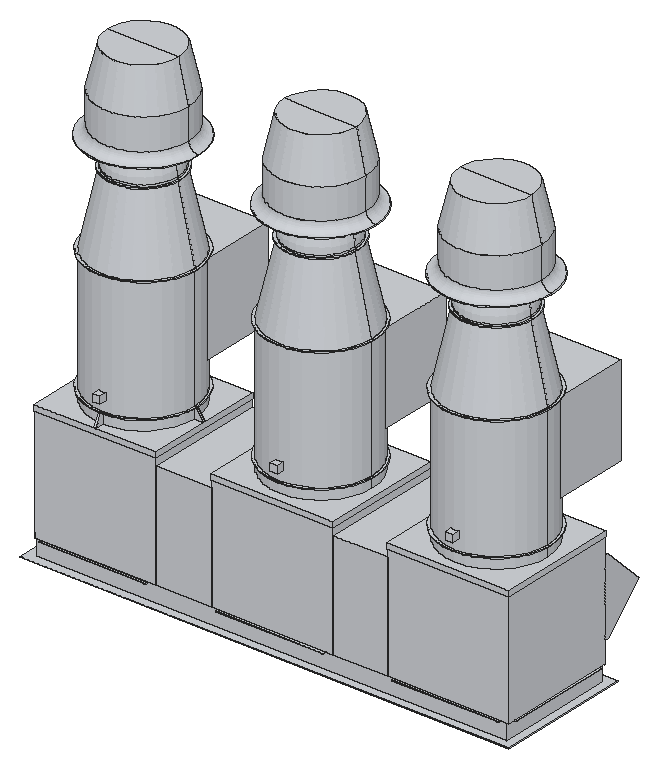
Revit family "QMXVP_with_1X3", category Mechanical Equipment, Revit 2019
Family settings
  Round Connector Dimension = Use Diameter
  Part Type = Normal
  Work Plane-Based = No
  Always vertical = Yes
  Cut with Voids When Loaded = No
  Shared = No
  Room Calculation Point = No
Parameters (values of type "402_QMXVP-27L-1X3_Mixing_Box")
  Unit Weight [instance] = ""
  UNIT_RADIUS+4" = UNIT_RADIUS + 0' 4"  # 2' - 8 15/32"
  UNIT_RADIUS*.6 = UNIT_RADIUS * 0.9  # 2' - 1.62188"
  UNIT_RADIUS = UNIT_OD / 2  # 2' - 4 15/32"
  UNIT_RAD+((A/2)+.25")+4" = UNIT_RADIUS + ((A / 2) + 0' 0 1/4") + 0' 4"  # 5' - 6 7/32"
  UNIT_RAD+((A/2)+.25") = UNIT_RADIUS + ((A / 2) + 0' 0 1/4")  # 5' - 2 7/32"
  UNIT_OD = 4' - 8 15/16"
  UNIT_HEIGHT*.75 = UNIT_HEIGHT * 0.75  # 4' - 3 3/8"
  UNIT_HEIGHT = 5' - 8 1/2"
  TYPE = 0' - 0"
  TRIP_G = 21' - 8 3/8"
  TRIP_F = 21' - 10"
  TRIPLE_F+1" = TRIP_F + 0' 1"  # 21' - 11"
  TRANSITION_TOP = 9' - 10 3/4"
  Sones [instance] = ""
  RO2/2 = 2' - 5 23/32"
  RO/2 = RO / 2  # 2' - 5 23/32"
  RO = 4' - 11 7/16"
  NOZZLE_WB_RAD-2" = NOZZLE_WB_RAD - 0' 2"  # 2' - 4 1/2"
  NOZZLE_WB_RAD = NOZZLE_WB_OD / 2  # 2' - 6 1/2"
  NOZZLE_WB/4 = NOZZLE_WB_OD / 5  # 1' - 0.2"
  NOZZLE_TOP_RAD = NOZZLE_TOP_OD / 2  # 1' - 7 27/32"
  NOZZLE_TOP_OD = if(NOZZLE_SIZE = 9' 0", 1' 1 1/2", if(NOZZLE_SIZE = 12' 0", 1' 7 1/2", if(NOZZLE_SIZE = 15' 0", 1' 11", if(NOZZLE_SIZE = 18' 0", 2' 3 1/2", if(NOZZLE_SIZE = 21' 0", 2' 6 3/4", if(NOZZLE_SIZE = 24' 0", 3' 0 1/2", if(NOZZLE_SIZE = 27' 0", 3' 3 11/16", if(NOZZLE_SIZE = 30' 0", 3' 9 1/2", if(NOZZLE_SIZE = 36' 0", 4' 10", if(NOZZLE_SIZE = 49' 0", 6' 4", 0' 1"))))))))))  # 3' - 3 11/16"
  NOZZLE_SIZE = 27' - 0"
  NOZZLE_HEIGHT/7*2 = NOZZLE_HEIGHT / 8 * 2  # 1' - 3 5/32"
  NOZZLE_HEIGHT = if(NOZZLE_SIZE = 9' 0", 2' 4", if(NOZZLE_SIZE = 12' 0", 2' 8", if(NOZZLE_SIZE = 15' 0", 3' 7", if(NOZZLE_SIZE = 18' 0", 4' 0", if(NOZZLE_SIZE = 21' 0", 4' 4 3/4", if(NOZZLE_SIZE = 24' 0", 5' 2", if(NOZZLE_SIZE = 30' 0", 6' 6", if(NOZZLE_SIZE = 27' 0", 5' 0 5/8", if(NOZZLE_SIZE = 36' 0", 7' 11", if(NOZZLE_SIZE = 49' 0", 9' 2", 0' 1"))))))))))  # 5' - 0 5/8"
  NOZZLE_BOTTOM_RAD = NOZZLE_BOTTOM_ID / 2  # 1' - 7 5/32"
  NOZZLE_WB_OD = if(NOZZLE_SIZE = 9' 0", 1' 11", if(NOZZLE_SIZE = 12' 0", 2' 4", if(NOZZLE_SIZE = 15' 0", 3' 0", if(NOZZLE_SIZE = 18' 0", 3' 7", if(NOZZLE_SIZE = 21' 0", 4' 1", if(NOZZLE_SIZE = 24' 0", 5' 1", if(NOZZLE_SIZE = 27' 0", 5' 1", if(NOZZLE_SIZE = 30' 0", 6' 2", if(NOZZLE_SIZE = 36' 0", 7' 6", if(NOZZLE_SIZE = 49' 0", 8' 5", 0' 1"))))))))))  # 5' - 1"
  NOZZLE_BOTTOM_ID = if(NOZZLE_SIZE = 9' 0", 1' 0 13/16", if(NOZZLE_SIZE = 12' 0", 1' 5 1/16", if(NOZZLE_SIZE = 15' 0", 1' 9 3/8", if(NOZZLE_SIZE = 18' 0", 2' 1 5/8", if(NOZZLE_SIZE = 21' 0", 2' 4 3/4", if(NOZZLE_SIZE = 24' 0", 2' 10 3/4", if(NOZZLE_SIZE = 27' 0", 3' 2 5/16", if(NOZZLE_SIZE = 30' 0", 3' 6 1/2", if(NOZZLE_SIZE = 36' 0", 4' 3 3/4", if(NOZZLE_SIZE = 49' 0", 5' 9 3/8", 0' 1"))))))))))  # 3' - 2 5/16"
  Motor RPM [instance] = ""
  Motor Enclosure [instance] = ""
  ModelID [instance] = ""
  MB_HT/2 = MB_HT / 2  # 2' - 8 31/32"
  MB_HT-2.75" = MB_HT - 0' 2 3/4"  # 5' - 3 3/16"
  MB_HT+.25" = MB_HT + 0' 0 1/4"  # 5' - 6 3/16"
  MB_HT = 5' - 5 15/16"
  MB_A = 7' - 6"
  LwA [instance] = ""
  LONG_RO = 21' - 2 1/8"
  GA = if(UNIT_OD > 7' 0", 0' 0 23/128", if(UNIT_OD > 5' 9", 0' 0 17/128", 0' 0 27/256"))  # 0' - 0 27/256"
  Fan RPM [instance] = ""
  E = 5' - 5 3/4"
  DUAL_G = 13' - 7"
  DUAL_F+1" = DUAL_F + 0' 1"  # 13' - 9 3/4"
  DUAL_F = (TRIP_F / 2) + ((A / 2) + 0' 0 1/4")  # 13' - 8 3/4"
  CURB_HEIGHT [instance] = 1' - 0"
  CURB [instance] = yes
  C/2 = C / 2  # 3' - 8"
  C = 7' - 4"
  Bypass Damper Actuator = ""
  B/2 = B / 2  # 7' - 7 1/2"
  B = 15' - 3"
  Assembly Code = ""
  Accessories [instance] = ""
  A/2 = A / 2  # 2' - 9 1/2"
  A+.5 = A + 0' 0 1/2"  # 5' - 7 1/2"
  A = 5' - 7"
  6" = 0' - 6"  # constant formula
  5" = 0' - 5"  # constant formula
  3.125" = 0' - 3 1/8"  # constant formula
  3" = 0' - 3"  # constant formula
  Brake Hp [instance] = ""
  4" = 0' - 4"  # constant formula
  2' = 2' - 0"
  2" = 0' - 2"  # constant formula
  135 = 135.00°
  1" = 0' - 1"  # constant formula
  0 = 0' - 0"  # constant formula
  Voltage [instance] = 0 V
  URL = "www.lorencook.com"
  Type Comments = if(TYPE = 1' 0", "Vari-Plume Laboratory Exhaust Mixed-Flow High Pressure Inline Belt Drive With 1X3 Mixing Box\r\n", "Vari-Plume Laboratory Exhaust Mixed-Flow Inline Belt Drive With 1X3 Mixing Box\r\n")  # "Vari-Plume Laboratory Exhaust Mixed-Flow Inline Belt Drive With 1X3 Mixing Box\r\n"
  Static Pressure [instance] = 0.00 in-wg
  Power [instance] = Voltage * Motor FLA * sqrt(if(Phase = 3, 3, 1))  # 0 VA
  Phase [instance] = 0
  Number of Poles [instance] = 1
  Motor Hp [instance] = "0"
  Motor FLA [instance] = 0 A
  Model = if(TYPE = 1' 0", "QMXHPVP-1X3_Mixing Box", "QMXVP-1X3_Mixing Box")  # "QMXVP-1X3_Mixing Box"
  Manufacturer = "Loren Cook Company"
  CFM [instance] = 0 CFM
  1.5 = 0' - 1 1/2"  # constant formula
  1/4 = 0' - 0 1/4"  # constant formula
  ONE EIGTH = 0' - 0 1/8"  # constant formula
  -A = -A  # -5' - 7"
  (NOZZLE_WB_OD-NOZZLE_TOP_OD)/2 = (NOZZLE_WB_OD - NOZZLE_TOP_OD) / 4  # 0' - 5 21/64"
  (NOZZLE_HEIGHT-(NOZZLE_HEIGHT/8*2))/2 = (NOZZLE_HEIGHT - (NOZZLE_HEIGHT / 8 * 2)) / 2  # 1' - 10 47/64"
  (A/2)-2" = (A / 2) - 0' 2"  # 2' - 7 1/2"
  (A/2)+.25" = (A / 2) + 0' 0 1/4"  # 2' - 9 3/4"
Reference planes (in)
  plane 1 "Center (Front/Back)": y = 0
  plane 2: z = 0
  plane 3 "Center (Left/Right)": x = 0.40541
Forms (in)
  Extrusion 1, solid
    sketch origin (0, 0, 0) x (1, 0, 0) y (0, 1, 0)
      loop
        line (-33.34459, 33.75) -> (-33.34459, -33.75) -> (34.15541, -33.75) -> (34.15541, 33.75) -> (-33.34459, 33.75)
      loop
        line (64.90541, 33.75) -> (64.90541, -33.75) -> (132.40541, -33.75) -> (132.40541, 33.75) -> (64.90541, 33.75)
      loop
        line (162.15541, 33.75) -> (162.15541, -33.75) -> (229.65541, -33.75) -> (229.65541, 33.75) -> (162.15541, 33.75)
    from 66.1875 <- "MB_HT+.25"" to 63.1875 <- "MB_HT-2.75""
  Revolve 2, solid
    sketch origin (0, 0, 0) x (1, 0, 0) y (0, 0, 1)
      loop
        line (0.40541, 66.1875) -> (28.87416, 66.1875) -> (28.87416, 72.1875) -> (30.37416, 72.1875) -> (30.37416, 72.4375) -> (28.87416, 72.4375) -> (28.87416, 140.4375) -> (30.37416, 140.4375) -> (30.37416, 140.6875) -> (28.87416, 140.6875) -> (19.56166, 181.6875) -> (21.06166, 181.6875) -> (21.06166, 181.9375) -> (0.40541, 181.9375) -> (0.40541, 66.1875)
      axis (0.40541, 181.9375) -> (0.40541, 66.1875)
    angle from 0 to 360
  Revolve 3, solid
    sketch origin (0, 0, 0) x (1, 0, 0) y (0, 0, 1)
      loop
        line (0.40541, 181.9375) -> (19.56166, 181.9375) -> (19.56166, 182.9375)
        arc (19.56166, 182.9375) -> (17.72865, 190.82402) -> (12.60541, 197.09375) r 17.8824
        line (12.60541, 197.09375) -> (30.90541, 197.09375) -> (20.24916, 242.5625) -> (0.40541, 242.5625) -> (0.40541, 181.9375)
      axis (0.40541, 242.5625) -> (0.40541, 181.9375)
    angle from 0 to 360
  Extrusion 4, solid
    sketch origin (0.40541, 0, 140.4375) x (1, 0, 0) y (0, -1, 0)
      loop
        line (-25.62187, -12.40924) -> (-25.62187, -54.25) -> (25.62188, -54.25) -> (25.62188, -12.40924)
        arc (25.62188, -12.40924) -> (0, -28.46875) -> (-25.62187, -12.40924) r 28.46875
      loop
        line (72.62813, -12.40924) -> (72.62813, -54.25) -> (123.87188, -54.25) -> (123.87188, -12.40924)
        arc (123.87188, -12.40924) -> (98.25, -28.46875) -> (72.62813, -12.40924) r 28.46875
      loop
        line (169.87813, -12.40924) -> (169.87813, -54.25) -> (221.12188, -54.25) -> (221.12188, -12.40924)
        arc (221.12188, -12.40924) -> (195.5, -28.46875) -> (169.87813, -12.40924) r 28.46875
    from 51.375 <- "UNIT_HEIGHT*.75" to 1.5
  Extrusion 5, solid
    sketch origin (0, 0, 0) x (1, 0, 0) y (0, 0, 1)
      loop
        line (-33.34459, 66.1875) -> (-28.06334, 66.1875) -> (-28.06334, 72.1875) -> (-29.56334, 72.1875) -> (-33.34459, 66.1875)
      loop
        line (34.15541, 66.1875) -> (30.37416, 72.1875) -> (28.87416, 72.1875) -> (28.87416, 66.1875) -> (34.15541, 66.1875)
    from -0.5 to 0.5
  Extrusion 6, solid
    sketch origin (0.40541, 0, 0) x (0, 1, 0) y (0, 0, 1)
      loop
        line (33.75, 66.1875) -> (29.96875, 72.1875) -> (28.46875, 72.1875) -> (28.46875, 66.1875) -> (33.75, 66.1875)
      loop
        line (-33.75, 66.1875) -> (-28.46875, 66.1875) -> (-28.46875, 72.1875) -> (-29.96875, 72.1875) -> (-33.75, 66.1875)
    from -0.5 to 0.5
  Extrusion 7, solid
    sketch origin (0.40541, 0, 72.1875) x (1, 0, 0) y (0, -1, 0)
      loop
        line (-2, 32.46875) -> (-2, 28.46875) -> (2, 28.46875) -> (2, 32.46875) -> (-2, 32.46875)
      loop
        line (96.25, 28.46875) -> (100.25, 28.46875) -> (100.25, 32.46875) -> (96.25, 32.46875) -> (96.25, 28.46875)
      loop
        line (193.25, 28.46875) -> (197.25, 28.46875) -> (197.25, 32.46875) -> (193.25, 32.46875) -> (193.25, 28.46875)
    from -10 to -6
  Revolve 8, void
    sketch origin (0, 0, 0) x (1, 0, 0) y (0, 0, 1)
      loop
        arc (25.57729, 202.67188) -> (30.90541, 197.34375) -> (36.23354, 202.67188) r 5.32812
        line (36.23354, 202.67188) -> (36.23354, 219.82813) -> (25.57729, 219.82813) -> (25.57729, 202.67188)
      axis (0.40541, 202.67188) -> (0.40541, 219.82813)
    angle from 0 to 360
  Extrusion 9, solid
    sketch origin (0, 0, 0) x (1, 0, 0) y (0, 1, 0)
      loop
        line (-33.09459, 33.5) -> (-33.09459, -33.5) -> (33.90541, -33.5) -> (33.90541, 33.5) -> (-33.09459, 33.5)
      loop
        line (65.15541, 33.5) -> (65.15541, -33.5) -> (132.15541, -33.5) -> (132.15541, 33.5) -> (65.15541, 33.5)
      loop
        line (162.40541, 33.5) -> (162.40541, -33.5) -> (229.40541, -33.5) -> (229.40541, 33.5) -> (162.40541, 33.5)
    from 0 to 63.1875 <- "MB_HT-2.75""
  Extrusion 10, void
    sketch origin (0, 0, 0) x (1, 0, 0) y (0, 1, 0)
      loop
        line (-32.84459, 33.25) -> (-32.84459, -33.25) -> (33.65541, -33.25) -> (33.65541, 33.25) -> (-32.84459, 33.25)
      loop
        line (65.40541, 33.25) -> (65.40541, -33.25) -> (131.90541, -33.25) -> (131.90541, 33.25) -> (65.40541, 33.25)
      loop
        line (162.65541, 33.25) -> (162.65541, -33.25) -> (229.15541, -33.25) -> (229.15541, 33.25) -> (162.65541, 33.25)
    from 0 to 2.875
  Extrusion 11, solid
    sketch origin (0, 0, 0) x (1, 0, 0) y (0, 1, 0)
      loop
        line (-33.34459, 29.75) -> (-34.84459, 29.75) -> (-34.84459, -29.75) -> (-33.34459, -29.75) -> (-33.34459, 29.75)
      loop
        line (-29.34459, -33.75) -> (-29.34459, -35.25) -> (30.15541, -35.25) -> (30.15541, -33.75) -> (-29.34459, -33.75)
      loop
        line (30.15541, 33.75) -> (30.15541, 35.25) -> (-29.34459, 35.25) -> (-29.34459, 33.75) -> (30.15541, 33.75)
      loop
        line (68.90541, 33.75) -> (128.40541, 33.75) -> (128.40541, 35.25) -> (68.90541, 35.25) -> (68.90541, 33.75)
      loop
        line (128.40541, -33.75) -> (68.90541, -33.75) -> (68.90541, -35.25) -> (128.40541, -35.25) -> (128.40541, -33.75)
      loop
        line (166.40541, 35) -> (166.40541, 33.5) -> (225.40541, 33.5) -> (225.40541, 35) -> (166.40541, 35)
      loop
        line (229.40541, 29.5) -> (229.40541, -29.5) -> (230.90541, -29.5) -> (230.90541, 29.5) -> (229.40541, 29.5)
      loop
        line (225.40541, -33.75) -> (166.40541, -33.75) -> (166.40541, -35.25) -> (225.40541, -35.25) -> (225.40541, -33.75)
    from 0 to 0.125
  Extrusion 12, solid
    sketch origin (-33.09459, 33.5, 0) x (1, 0, 0) y (0, 0, -1)
      loop
        line (63, -61.1875) -> (63, -56.1875) -> (4, -56.1875) -> (4, -61.1875) -> (63, -61.1875)
      loop
        line (161.25, -56.1875) -> (102.25, -56.1875) -> (102.25, -61.1875) -> (161.25, -61.1875) -> (161.25, -56.1875)
      loop
        line (258.5, -56.1875) -> (199.5, -56.1875) -> (199.5, -61.1875) -> (258.5, -61.1875) -> (258.5, -56.1875)
    from 0 to 0.125
  Extrusion 13, solid
    sketch origin (-33.09459, 33.625, 0) x (1, 0, 0) y (0, 0, -1)
      loop
        line (11, -60.1875) -> (11, -57.1875) -> (5, -57.1875) -> (5, -60.1875) -> (11, -60.1875)
      loop
        line (103.25, -60.1875) -> (109.25, -60.1875) -> (109.25, -57.1875) -> (103.25, -57.1875) -> (103.25, -60.1875)
      loop
        line (200.5, -60.1875) -> (206.5, -60.1875) -> (206.5, -57.1875) -> (200.5, -57.1875) -> (200.5, -60.1875)
    from 0 to 3.5
  Extrusion 14, solid
    sketch origin (-33.09459, -33.5, 0) x (0, 1, 0) y (0, 0, -1)
      loop
        line (67, -53.96875) -> (69, -53.96875) -> (90, -32.96875) -> (69, -11.96875) -> (67, -11.96875) -> (67, -53.96875)
    from 0 to -67 <- "-A"
  Revolve 15, solid
    sketch origin (0, 0, 0) x (1, 0, 0) y (0, 0, 1)
      loop
        line (98.65541, 66.1875) -> (127.12416, 66.1875) -> (127.12416, 72.1875) -> (128.62416, 72.1875) -> (128.62416, 72.4375) -> (127.12416, 72.4375) -> (127.12416, 140.1875) -> (128.62416, 140.1875) -> (128.62416, 140.4375) -> (127.12416, 140.4375) -> (117.81166, 181.4375) -> (119.31166, 181.4375) -> (119.31166, 181.6875) -> (98.65541, 181.6875) -> (98.65541, 66.1875)
      axis (98.65541, 181.6875) -> (98.65541, 66.1875)
    angle from 0 to 360
  Revolve 16, solid
    sketch origin (0, 0, 0) x (1, 0, 0) y (0, 0, 1)
      loop
        line (98.65541, 181.4375) -> (117.81166, 181.4375) -> (117.81166, 182.4375)
        arc (117.81166, 182.4375) -> (115.98435, 190.54914) -> (110.85541, 197.09375) r 18.91789
        line (110.85541, 197.09375) -> (129.15541, 197.09375) -> (118.49916, 242.5625) -> (98.65541, 242.5625) -> (98.65541, 181.4375)
      axis (98.65541, 242.5625) -> (98.65541, 181.4375)
    angle from 0 to 360
  Revolve 17, void
    sketch origin (0, 0, 0) x (1, 0, 0) y (0, 0, 1)
      loop
        line (134.48354, 219.82813) -> (123.82729, 219.82813) -> (123.82729, 202.67188)
        arc (123.82729, 202.67188) -> (129.15541, 197.34375) -> (134.48354, 202.67188) r 5.32813
        line (134.48354, 202.67188) -> (134.48354, 219.82813)
      axis (98.65541, 219.82813) -> (98.65541, 202.67188)
    angle from 0 to 360
  Extrusion 18, solid
    sketch origin (132.15541, 33.5, 0) x (0, -1, 0) y (0, 0, -1)
      loop
        line (0, -53.96875) -> (0, -11.96875) -> (-2, -11.96875) -> (-23, -32.96875) -> (-2, -53.96875) -> (0, -53.96875)
    from 0 to -67 <- "-A"
  Extrusion 19, solid
    sketch origin (33.90541, -33.5, 0) x (-1, 0, 0) y (0, 0, -1)
      loop
        line (0, -59.1875) -> (0, 0) -> (-31.25, 0) -> (-31.25, -59.1875) -> (0, -59.1875)
      loop
        line (-98.25, -59.1875) -> (-98.25, -0.125) -> (-128.5, -0.125) -> (-128.5, -59.1875) -> (-98.25, -59.1875)
    from 0 to -67 <- "-A"
  Revolve 20, solid
    sketch origin (0, 0, 0) x (1, 0, 0) y (0, 0, 1)
      loop
        line (195.90541, 66.1875) -> (224.37416, 66.1875) -> (224.37416, 72.1875) -> (225.87416, 72.1875) -> (225.87416, 72.4375) -> (224.37416, 72.4375) -> (224.37416, 140.1875) -> (225.87416, 140.1875) -> (225.87416, 140.4375) -> (224.37416, 140.4375) -> (215.06166, 181.4375) -> (216.56166, 181.4375) -> (216.56166, 181.6875) -> (195.90541, 181.6875) -> (195.90541, 66.1875)
      axis (195.90541, 181.6875) -> (195.90541, 66.1875)
    angle from 0 to 360
  Revolve 21, solid
    sketch origin (0, 0, 0) x (1, 0, 0) y (0, 0, 1)
      loop
        line (195.90541, 181.4375) -> (215.06166, 181.4375) -> (215.06166, 182.4375)
        arc (215.06166, 182.4375) -> (213.23435, 190.54914) -> (208.10541, 197.09375) r 18.91789
        line (208.10541, 197.09375) -> (226.40541, 197.09375) -> (215.74916, 242.5625) -> (195.90541, 242.5625) -> (195.90541, 181.4375)
      axis (195.90541, 242.5625) -> (195.90541, 181.4375)
    angle from 0 to 360
  Revolve 22, void
    sketch origin (0, 0, 0) x (1, 0, 0) y (0, 0, 1)
      loop
        line (221.07729, 219.82813) -> (221.07729, 202.67188)
        arc (221.07729, 202.67188) -> (226.40541, 197.34375) -> (231.73354, 202.67188) r 5.32813
        line (231.73354, 202.67188) -> (231.73354, 219.82813) -> (221.07729, 219.82813)
      axis (195.90541, 202.67188) -> (195.90541, 219.82813)
    angle from 0 to 360
  Extrusion 23, solid
    sketch origin (229.40541, 33.5, 0) x (0, -1, 0) y (0, 0, -1)
      loop
        line (0, -53.96875) -> (0, -11.96875) -> (-2, -11.96875) -> (-23, -32.96875) -> (-2, -53.96875) -> (0, -53.96875)
    from 0 to -67 <- "-A"
  Extrusion 24, solid, visible <- "CURB"
    sketch origin (0, 0, 2.875) x (0, 1, 0) y (1, 0, 0)
      loop
        line (29.71875, -29.31334) -> (29.71875, 224.81166) -> (-29.71875, 224.81166) -> (-29.71875, -29.31334) -> (29.71875, -29.31334)
      loop
        line (-32.84375, 227.93666) -> (-32.84375, -32.43834) -> (32.84375, -32.43834) -> (32.84375, 227.93666) -> (-32.84375, 227.93666)
    from 0 to 12 <- "CURB_HEIGHT"
  Extrusion 25, solid, visible <- "CURB"
    sketch origin (0, 0, -9.125) x (-1, 0, 0) y (0, 1, 0)
      loop
        line (32.43834, -32.84375) -> (32.43834, 32.84375) -> (-227.93666, 32.84375) -> (-227.93666, -32.84375) -> (32.43834, -32.84375)
      loop
        line (-232.93666, 37.84375) -> (-232.93666, -37.84375) -> (37.43834, -37.84375) -> (37.43834, 37.84375) -> (-232.93666, 37.84375)
    from 0 to -0.125
Cuts and joins
  Revolve 8 cuts Revolve 3
  Extrusion 10 cuts Extrusion 9
  Revolve 17 cuts Revolve 16
  Revolve 22 cuts Revolve 21
Dimensions and locks (in)
  "(A/2)+.25"": Extrusion 1 sketch curve to plane 3 "Center (Left/Right)"
  "(A/2)+.25"": plane 3 "Center (Left/Right)" to Extrusion 1 sketch curve
  "(A/2)+.25"": plane 1 "Center (Front/Back)" to Extrusion 1 sketch curve
  "(A/2)+.25"": Extrusion 1 sketch curve to plane 1 "Center (Front/Back)"
  "1/4": Revolve 2 sketch curve to Revolve 2 sketch curve  (x3)
  "1.5": Revolve 2 sketch curve to Revolve 2 sketch curve  (x3)
  "NOZZLE_BOTTOM_RAD": Revolve 2 sketch curve to plane 3 "Center (Left/Right)"
  "UNIT_HEIGHT": Revolve 2 sketch curve to Revolve 2 sketch curve
  "UNIT_RADIUS": Revolve 2 sketch curve to plane 3 "Center (Left/Right)"
  "UNIT_RADIUS": Revolve 2 sketch curve to Revolve 2 sketch curve
  "0": Revolve 2 sketch curve to plane 3 "Center (Left/Right)"  (x2)
  "0": Revolve 3 sketch curve to plane 3 "Center (Left/Right)"  (x2)
  "NOZZLE_TOP_RAD": Revolve 3 sketch curve to plane 3 "Center (Left/Right)"
  "NOZZLE_HEIGHT": Revolve 3 sketch curve to Revolve 2
  "0": Revolve 3 sketch curve to Revolve 2
  "NOZZLE_WB_RAD": Revolve 3 sketch curve to plane 3 "Center (Left/Right)"
  "NOZZLE_HEIGHT/7*2": Revolve 3 sketch curve to Revolve 3 sketch curve
  "NOZZLE_BOTTOM_RAD": Revolve 3 sketch curve to plane 3 "Center (Left/Right)"
  "1"": Revolve 3 sketch curve to Revolve 2  (x2)
  "NOZZLE_WB/4": Revolve 3 sketch curve to Revolve 3 sketch curve
  "0": Revolve 2 sketch curve to Revolve 2 sketch curve
  "0": Extrusion 4 sketch curve to plane 3 "Center (Left/Right)"
  "0": Extrusion 4 sketch curve to plane 1 "Center (Front/Back)"  (x3)
  "UNIT_RADIUS*.6": Extrusion 4 sketch curve to plane 3 "Center (Left/Right)"
  "UNIT_RADIUS*.6": plane 3 "Center (Left/Right)" to Extrusion 4 sketch curve
  "0": Revolve 2 to Extrusion 5 sketch curve  (x3)
  "0": Extrusion 5 sketch curve to Revolve 2
  "1.5": Extrusion 5 sketch curve to Extrusion 5 sketch curve  (x2)
  "0": Revolve 2 to Extrusion 6 sketch curve
  "0": Extrusion 6 sketch curve to Revolve 2
  "UNIT_RADIUS": plane 1 "Center (Front/Back)" to Extrusion 6 sketch curve
  "UNIT_RADIUS": Extrusion 6 sketch curve to plane 1 "Center (Front/Back)"
  "1.5": Extrusion 6 sketch curve to Extrusion 6 sketch curve  (x2)
  "NOZZLE_WB_RAD": Revolve 8 sketch curve to plane 3 "Center (Left/Right)"
  "(NOZZLE_WB_OD-NOZZLE_TOP_OD)/2": Revolve 8 sketch curve to Revolve 8 sketch curve  (x2)
  "1/4": Revolve 8 sketch curve to Revolve 3
  "(NOZZLE_HEIGHT-(NOZZLE_HEIGHT/8*2))/2": Revolve 8 sketch curve to Revolve 3
  "0": plane 3 "Center (Left/Right)" to Revolve 8 sketch curve
  "1/4": Extrusion 1 to Extrusion 9 sketch curve  (x7)
  "1/4": Extrusion 9 sketch curve to Extrusion 1  (x5)
  "1/4": Extrusion 10 sketch curve to Extrusion 9  (x3)
  "1/4": Extrusion 9 to Extrusion 10 sketch curve
  "1.5": Extrusion 11 sketch curve to Extrusion 11 sketch curve  (x8)
  "0": Extrusion 11 sketch curve to Extrusion 1  (x4)
  "4"": Extrusion 11 sketch curve to Extrusion 1  (x4)
  "4"": Extrusion 1 to Extrusion 11 sketch curve  (x6)
  "4"": cut or joined group of Extrusion 9, Extrusion 10 to Extrusion 12 sketch curve  (x6)
  "5"": Extrusion 12 sketch curve to Extrusion 12 sketch curve  (x2)
  "2"": Extrusion 12 sketch curve to cut or joined group of Extrusion 9, Extrusion 10  (x2)
  "1"": Extrusion 13 sketch curve to Extrusion 12  (x4)
  "1"": Extrusion 12 to Extrusion 13 sketch curve  (x5)
  "6"": Extrusion 13 sketch curve to Extrusion 13 sketch curve  (x3)
  "TRANSITION_TOP": cut or joined group of Extrusion 9, Extrusion 10 to Revolve 2 sketch curve
  "0": Extrusion 1 to Revolve 2 sketch curve
  "C": Extrusion 1 to Extrusion 4 sketch curve  (x2)
  "0": Extrusion 5 sketch curve to Extrusion 1  (x2)
  "0": Extrusion 1 to Extrusion 5 sketch curve  (x2)
  "0": Extrusion 6 sketch curve to Extrusion 1  (x3)
  "0": Extrusion 1 to Extrusion 6 sketch curve
  "MB_HT/2": Extrusion 14 sketch curve to level
  "2"": Extrusion 14 sketch curve to Extrusion 14 sketch curve  (x2)
  "0": Extrusion 14 sketch curve to cut or joined group of Extrusion 9, Extrusion 10
  "MB_A": Extrusion 14 sketch curve to cut or joined group of Extrusion 9, Extrusion 10
  "A+.5": Extrusion 1 sketch curve to Extrusion 1 sketch curve  (x2)
  "DUAL_F+1"": Extrusion 1 sketch curve to Extrusion 1 sketch curve
  "0": Extrusion 1 sketch curve to Extrusion 1 sketch curve  (x4)
  "(A/2)+.25"": Extrusion 1 to Revolve 15 sketch curve  (x2)
  "UNIT_RADIUS": Revolve 15 sketch curve to Revolve 15 sketch curve  (x2)
  "0": Revolve 15 sketch curve to Revolve 15 sketch curve
  "NOZZLE_BOTTOM_RAD": Revolve 15 sketch curve to Revolve 15 sketch curve
  "0": Revolve 15 sketch curve to Revolve 2  (x2)
  "0": Revolve 2 to Revolve 15 sketch curve
  "0": Revolve 15 sketch curve to Extrusion 1
  "1/4": Revolve 15 sketch curve to Revolve 15 sketch curve  (x3)
  "1.5": Revolve 15 sketch curve to Revolve 15 sketch curve  (x3)
  "0": Revolve 16 sketch curve to Revolve 15
  "0": Revolve 16 sketch curve to cut or joined group of Revolve 3, Revolve 8
  "0": cut or joined group of Revolve 3, Revolve 8 to Revolve 16 sketch curve
  "0": Revolve 15 to Revolve 16 sketch curve
  "NOZZLE_WB_RAD": Revolve 16 sketch curve to Revolve 16 sketch curve
  "NOZZLE_TOP_RAD": Revolve 16 sketch curve to Revolve 16 sketch curve
  "(A/2)+.25"": Revolve 16 sketch curve to Extrusion 1  (x2)
  "1"": Revolve 16 sketch curve to Revolve 15
  "NOZZLE_WB/4": Revolve 16 sketch curve to Revolve 16 sketch curve
  "1/4": Revolve 17 sketch curve to Revolve 16
  "(NOZZLE_WB_OD-NOZZLE_TOP_OD)/2": Revolve 16 to Revolve 17 sketch curve  (x2)
  "(NOZZLE_HEIGHT-(NOZZLE_HEIGHT/8*2))/2": Revolve 17 sketch curve to Revolve 16
  "(A/2)+.25"": Revolve 17 sketch curve to Extrusion 1
  "(A/2)+.25"": Extrusion 4 sketch curve to Extrusion 1  (x2)
  "UNIT_RADIUS*.6": Extrusion 4 sketch curve to Extrusion 4 sketch curve  (x4)
  "1/4": cut or joined group of Extrusion 9, Extrusion 10 to Extrusion 10 sketch curve  (x5)
  "1/4": Extrusion 10 sketch curve to cut or joined group of Extrusion 9, Extrusion 10  (x3)
  "0": Extrusion 1 to Extrusion 11 sketch curve  (x2)
  "0": Extrusion 18 sketch curve to cut or joined group of Extrusion 9, Extrusion 10
  "0": Extrusion 14 to Extrusion 18 sketch curve  (x4)
  "4"": Extrusion 1 to Extrusion 19 sketch curve
  "0": Extrusion 19 sketch curve to cut or joined group of Extrusion 9, Extrusion 10  (x5)
  "TRIPLE_F+1"": Extrusion 1 sketch curve to Extrusion 1 sketch curve
  "(A/2)+.25"": Extrusion 1 to Revolve 20 sketch curve
  "0": Revolve 20 sketch curve to Extrusion 1
  "0": Revolve 20 sketch curve to Revolve 15
  "1/4": Revolve 20 sketch curve to Revolve 20 sketch curve  (x3)
  "0": Revolve 15 to Revolve 20 sketch curve  (x2)
  "1.5": Revolve 20 sketch curve to Revolve 20 sketch curve  (x4)
  "NOZZLE_BOTTOM_RAD": Revolve 20 sketch curve to Revolve 20 sketch curve
  "UNIT_RADIUS": Revolve 20 sketch curve to Revolve 20 sketch curve  (x2)
  "0": Revolve 20 sketch curve to Revolve 20 sketch curve
  "0": Revolve 21 sketch curve to Revolve 20
  "0": cut or joined group of Revolve 16, Revolve 17 to Revolve 21 sketch curve  (x2)
  "NOZZLE_TOP_RAD": Revolve 21 sketch curve to Revolve 21 sketch curve
  "NOZZLE_WB_RAD": Revolve 21 sketch curve to Revolve 21 sketch curve
  "NOZZLE_WB/4": Revolve 21 sketch curve to Revolve 21 sketch curve
  "NOZZLE_BOTTOM_RAD": Revolve 21 sketch curve to Revolve 21 sketch curve
  "1"": Revolve 21 sketch curve to Revolve 20
  "(A/2)+.25"": Extrusion 1 to Revolve 21 sketch curve
  "0": Revolve 21 sketch curve to Revolve 21 sketch curve
  "(NOZZLE_WB_OD-NOZZLE_TOP_OD)/2": Revolve 21 to Revolve 22 sketch curve  (x2)
  "(NOZZLE_HEIGHT-(NOZZLE_HEIGHT/8*2))/2": Revolve 22 sketch curve to Revolve 21
  "1/4": Revolve 22 sketch curve to Revolve 21
  "(A/2)+.25"": Extrusion 1 to Revolve 22 sketch curve
  "0": Extrusion 4 sketch curve to Extrusion 4 sketch curve
  "UNIT_RADIUS": Extrusion 7 sketch curve to plane 1 "Center (Front/Back)"
  "UNIT_RADIUS+4"": Extrusion 7 sketch curve to plane 1 "Center (Front/Back)"
  "0": Extrusion 7 sketch curve to Extrusion 7 sketch curve  (x4)
  "2"": Extrusion 7 sketch curve to plane 3 "Center (Left/Right)"
  "2"": plane 3 "Center (Left/Right)" to Extrusion 7 sketch curve
  "(A/2)-2"": Extrusion 7 sketch curve to cut or joined group of Extrusion 9, Extrusion 10
  "4"": Extrusion 7 sketch curve to Extrusion 7 sketch curve  (x2)
  "(A/2)-2"": Extrusion 1 to Extrusion 7 sketch curve
  "0": cut or joined group of Extrusion 9, Extrusion 10 to Extrusion 11 sketch curve
  "0": Extrusion 11 sketch curve to cut or joined group of Extrusion 9, Extrusion 10
  "4"": Extrusion 11 sketch curve to cut or joined group of Extrusion 9, Extrusion 10  (x2)
  "4"": cut or joined group of Extrusion 9, Extrusion 10 to Extrusion 11 sketch curve  (x4)
  "0": Extrusion 12 sketch curve to Extrusion 12 sketch curve  (x2)
  "0": Extrusion 18 to Extrusion 23 sketch curve  (x4)
  Extrusion 23 sketch curve to cut or joined group of Extrusion 9, Extrusion 10 = 0' - 0"
  "0": Extrusion 19 sketch curve to Extrusion 19 sketch curve
  "0": Extrusion 11 to Extrusion 19 sketch curve
  "3.125"": Extrusion 24 sketch curve to Extrusion 24 sketch curve  (x4)
  "LONG_RO": Extrusion 24 sketch curve to Extrusion 24 sketch curve
  "RO/2": plane 1 "Center (Front/Back)" to Extrusion 24 sketch curve
  "RO/2": Extrusion 24 sketch curve to plane 1 "Center (Front/Back)"
  "5"": Extrusion 25 sketch curve to Extrusion 25 sketch curve  (x4)
  "0": Extrusion 25 sketch curve to Extrusion 24  (x3)
  "0": Extrusion 24 to Extrusion 25 sketch curve
  "RO2/2": Extrusion 24 sketch curve to plane 3 "Center (Left/Right)"
  "UNIT_RADIUS": radius of Extrusion 4 sketch curve  (x3)
  "135": angle Extrusion 14 sketch curve to Extrusion 14 sketch curve  (x2)
Automatic sketch dimensions
  Revolve 2 sketch curve to Revolve 2 sketch curve = 0' - 0"
  Revolve 2 sketch curve to Revolve 2 sketch curve = 0' - 4"
  Revolve 3 sketch curve to Revolve 3 sketch curve = 0' - 7"
  Revolve 3 sketch curve to Revolve 3 sketch curve = 0' - 3"
  Revolve 8 sketch curve to Revolve 8 sketch curve = 1' - 1"
  Revolve 8 sketch curve to Revolve 8 sketch curve = 4' - 5.21605"
  Revolve 2 sketch curve to Revolve 2 sketch curve = 0' - 6"
  Revolve 15 sketch curve to Revolve 15 sketch curve = 1' - 6"
  Revolve 15 sketch curve to Revolve 15 sketch curve = 0' - 0"
  Revolve 16 sketch curve to Revolve 16 sketch curve = 3' - 0"
  Revolve 16 sketch curve to Revolve 16 sketch curve = 0' - 0"
  Revolve 17 sketch curve to Revolve 17 sketch curve = 1' - 7"
  Revolve 17 sketch curve to Revolve 17 sketch curve = 1' - 1.98087"
  Revolve 20 sketch curve to Revolve 20 sketch curve = 1' - 7"
  Revolve 20 sketch curve to Revolve 20 sketch curve = 0' - 0"
  Revolve 21 sketch curve to Revolve 21 sketch curve = 2' - 0"
  Revolve 21 sketch curve to Revolve 21 sketch curve = 0' - 0"
  Revolve 22 sketch curve to Revolve 22 sketch curve = 8' - 7.23643"
  Revolve 22 sketch curve to Revolve 22 sketch curve = 2' - 0"
  Extrusion 4 sketch curve to Extrusion 4 sketch curve = 0' - 0"  (x3)
Connectors (in)
  electrical at (0.40541, -30.46875, 78.1875)
    settings: on Extrusion 7, index 1, voltage 0 V, apparent load 0 VA, apparent load phase1 0 VA, apparent load phase2 0 VA, apparent load phase3 0 VA, power factor 1, load classification "Other", number of poles 1, system type 30, power factor state 1, is connector primary yes, connector utility no, sub classification motor no, connector description ""
  electrical at (98.65541, -30.46875, 78.1875)
    settings: on Extrusion 7, index 2, voltage 0 V, apparent load 0 VA, apparent load phase1 0 VA, apparent load phase2 0 VA, apparent load phase3 0 VA, power factor 1, load classification "Other", number of poles 1, system type 30, power factor state 1, is connector primary no, connector utility no, sub classification motor no, connector description ""
  electrical at (195.65541, -30.46875, 78.1875)
    settings: on Extrusion 7, index 3, voltage 0 V, apparent load 0 VA, apparent load phase1 0 VA, apparent load phase2 0 VA, apparent load phase3 0 VA, power factor 1, load classification "Other", number of poles 1, system type 30, power factor state 1, is connector primary no, connector utility no, sub classification motor no, connector description ""
  electrical at (195.90541, 34.5, 11.96875), driven by "Bypass Damper Actuator"
    settings: on Extrusion 23, index 4, voltage 0 V, apparent load 0 VA, apparent load phase1 0 VA, apparent load phase2 0 VA, apparent load phase3 0 VA, power factor 1, load classification "Other", number of poles 1, system type 13, power factor state 1, is connector primary no, connector utility no, sub classification motor no, connector description ""
  electrical at (98.65541, 34.5, 11.96875), driven by "Bypass Damper Actuator"
    settings: on Extrusion 18, index 5, voltage 0 V, apparent load 0 VA, apparent load phase1 0 VA, apparent load phase2 0 VA, apparent load phase3 0 VA, power factor 1, load classification "Other", number of poles 1, system type 13, power factor state 1, is connector primary no, connector utility no, sub classification motor no, connector description ""
  electrical at (0.40541, 34.5, 11.96875), driven by "Bypass Damper Actuator"
    settings: on Extrusion 14, index 6, voltage 0 V, apparent load 0 VA, apparent load phase1 0 VA, apparent load phase2 0 VA, apparent load phase3 0 VA, power factor 1, load classification "Other", number of poles 1, system type 13, power factor state 1, is connector primary no, connector utility no, sub classification motor no, connector description ""
  hvac at (98.65541, 0, 2.875), driven by "LONG_RO", driven by "RO"
    settings: on cut or joined group of Extrusion 9, Extrusion 10, index 7, duct flow 0 CFM, flow factor 0, pres drop 0.00 in-wg, loss coef 0, conn angle 0.00°, conn width 59 7/16", conn height 254 1/8", conn diameter 24", duct sys type 3, conn prof type 1, flow config 0, flow direction 1, loss method 0, conn ref index -1, conn util no, is conn primary yes, conn desc ""
Types (225): name | UNIT_RADIUS+4" | UNIT_RADIUS*.6 | UNIT_RADIUS | UNIT_RAD+((A/2)+.25")+4" | UNIT_RAD+((A/2)+.25") | UNIT_OD | UNIT_HEIGHT*.75 | UNIT_HEIGHT | TYPE | TRIP_G | TRIP_F | TRIPLE_F+1" | TRANSITION_TOP | RO2/2 | RO/2 | RO | NOZZLE_WB_RAD-2" | NOZZLE_WB_RAD | NOZZLE_WB/4 | NOZZLE_TOP_RAD | NOZZLE_TOP_OD | NOZZLE_SIZE | NOZZLE_HEIGHT/7*2 | NOZZLE_HEIGHT | NOZZLE_BOTTOM_RAD | NOZZLE_WB_OD | NOZZLE_BOTTOM_ID | MB_HT/2 | MB_HT-2.75" | MB_HT+.25" | MB_HT | MB_A | LONG_RO | GA | E | DUAL_G | DUAL_F+1" | DUAL_F | C/2 | C | B/2 | B | A/2 | A+.5 | A | Type Comments | Model | -A | (NOZZLE_WB_OD-NOZZLE_TOP_OD)/2 | (NOZZLE_HEIGHT-(NOZZLE_HEIGHT/8*2))/2 | (A/2)-2" | (A/2)+.25"
  (no name) | 2' - 8 15/32" | 2' - 1.62188" | 2' - 4 15/32" | 5' - 6 7/32" | 5' - 2 7/32" | 4' - 8 15/16" | 4' - 3 3/8" | 5' - 8 1/2" | 0' - 0" | 21' - 8 3/8" | 21' - 10" | 21' - 11" | 9' - 10 3/4" | 2' - 5 23/32" | 2' - 5 23/32" | 4' - 11 7/16" | 2' - 4 1/2" | 2' - 6 1/2" | 1' - 0.2" | 1' - 7 27/32" | 3' - 3 11/16" | 27' - 0" | 1' - 3 5/32" | 5' - 0 5/8" | 1' - 7 5/32" | 5' - 1" | 3' - 2 5/16" | 2' - 8 31/32" | 5' - 3 3/16" | 5' - 6 3/16" | 5' - 5 15/16" | 7' - 6" | 21' - 2 1/8" | 0' - 0 27/256" | 5' - 5 3/4" | 13' - 7" | 13' - 9 3/4" | 13' - 8 3/4" | 3' - 8" | 7' - 4" | 7' - 7 1/2" | 15' - 3" | 2' - 9 1/2" | 5' - 7 1/2" | 5' - 7" | "Vari-Plume Laboratory Exhaust Mixed-Flow Inline Belt Drive With 1X3 Mixing Box\r\n" | "QMXVP-1X3_Mixing Box" | -5' - 7" | 0' - 5 21/64" | 1' - 10 47/64" | 2' - 7 1/2" | 2' - 9 3/4"
  90_QMXVP-9L-1X3_Mixing_Box | 0' - 10 13/32" | 0' - 5 49/64" | 0' - 6 13/32" | 2' - 0 21/32" | 1' - 8 21/32" | 1' - 0 13/16" | 1' - 2 29/32" | 1' - 7 7/8" | 0' - 0" | 8' - 3 1/2" | 8' - 4" | 8' - 5" | 3' - 1 1/16" | 0' - 10 1/2" | 0' - 10 1/2" | 1' - 9" | 0' - 9 1/2" | 0' - 11 1/2" | 0' - 4.6" | 0' - 6 3/4" | 1' - 1 1/2" | 9' - 0" | 0' - 7" | 2' - 4" | 0' - 6 13/32" | 1' - 11" | 1' - 0 13/16" | 1' - 2 19/32" | 2' - 2 7/16" | 2' - 5 7/16" | 2' - 5 3/16" | 2' - 10" | 7' - 9 1/4" | 0' - 0 27/256" | 2' - 3 3/16" | 5' - 3 5/16" | 5' - 5 1/4" | 5' - 4 1/4" | 1' - 3" | 2' - 6" | 2' - 8 1/2" | 5' - 5" | 1' - 2" | 2' - 4 1/2" | 2' - 4" | "Vari-Plume Laboratory Exhaust Mixed-Flow Inline Belt Drive With 1X3 Mixing Box\r\n" | "QMXVP-1X3_Mixing Box" | -2' - 4" | 0' - 2 3/8" | 0' - 10 1/2" | 1' - 0" | 1' - 2 1/4"
  490_QMXVP-49H-1X3_Mixing_Box | 3' - 2 11/16" | 2' - 7 7/32" | 2' - 10 11/16" | 6' - 6 15/16" | 6' - 2 15/16" | 5' - 9 3/8" | 5' - 0 3/8" | 6' - 8 1/2" | 0' - 0" | 25' - 3 1/2" | 25' - 5" | 25' - 6" | 8' - 0 3/4" | 3' - 0 1/8" | 3' - 0 1/8" | 6' - 0 1/4" | 4' - 0 1/2" | 4' - 2 1/2" | 1' - 8.2" | 3' - 2" | 6' - 4" | 49' - 0" | 2' - 3 1/2" | 9' - 2" | 2' - 10 11/16" | 8' - 5" | 5' - 9 3/8" | 3' - 7 15/32" | 7' - 0 3/16" | 7' - 3 3/16" | 7' - 2 15/16" | 9' - 5" | 24' - 9 1/4" | 0' - 0 17/128" | 6' - 6 1/2" | 15' - 11" | 16' - 1 3/4" | 16' - 0 3/4" | 4' - 3 1/2" | 8' - 7" | 9' - 1 1/2" | 18' - 3" | 3' - 4" | 6' - 8 1/2" | 6' - 8" | "Vari-Plume Laboratory Exhaust Mixed-Flow Inline Belt Drive With 1X3 Mixing Box\r\n" | "QMXVP-1X3_Mixing Box" | -6' - 8" | 0' - 6 1/4" | 3' - 5 1/4" | 3' - 2" | 3' - 4 1/4"
  90_QMXVP-9H-1X3_Mixing_Box | 0' - 10 13/32" | 0' - 5 49/64" | 0' - 6 13/32" | 2' - 0 21/32" | 1' - 8 21/32" | 1' - 0 13/16" | 1' - 2 29/32" | 1' - 7 7/8" | 0' - 0" | 8' - 3 1/2" | 8' - 4" | 8' - 5" | 3' - 1 1/16" | 0' - 10 1/2" | 0' - 10 1/2" | 1' - 9" | 0' - 9 1/2" | 0' - 11 1/2" | 0' - 4.6" | 0' - 6 3/4" | 1' - 1 1/2" | 9' - 0" | 0' - 7" | 2' - 4" | 0' - 6 13/32" | 1' - 11" | 1' - 0 13/16" | 1' - 2 19/32" | 2' - 2 7/16" | 2' - 5 7/16" | 2' - 5 3/16" | 2' - 10" | 7' - 9 1/4" | 0' - 0 27/256" | 2' - 3 3/16" | 5' - 3 5/16" | 5' - 5 1/4" | 5' - 4 1/4" | 1' - 3" | 2' - 6" | 2' - 8 1/2" | 5' - 5" | 1' - 2" | 2' - 4 1/2" | 2' - 4" | "Vari-Plume Laboratory Exhaust Mixed-Flow Inline Belt Drive With 1X3 Mixing Box\r\n" | "QMXVP-1X3_Mixing Box" | -2' - 4" | 0' - 2 3/8" | 0' - 10 1/2" | 1' - 0" | 1' - 2 1/4"
  120_QMXVP-9L-1X3_Mixing_Box | 1' - 0 17/32" | 0' - 7.67813" | 0' - 8 17/32" | 2' - 2 25/32" | 1' - 10 25/32" | 1' - 5 1/16" | 1' - 2 29/32" | 1' - 7 7/8" | 0' - 0" | 8' - 3 1/2" | 8' - 4" | 8' - 5" | 3' - 7 3/16" | 0' - 10 1/2" | 0' - 10 1/2" | 1' - 9" | 0' - 9 1/2" | 0' - 11 1/2" | 0' - 4.6" | 0' - 6 3/4" | 1' - 1 1/2" | 9' - 0" | 0' - 7" | 2' - 4" | 0' - 6 13/32" | 1' - 11" | 1' - 0 13/16" | 1' - 3 23/32" | 2' - 4 11/16" | 2' - 7 11/16" | 2' - 7 7/16" | 2' - 11" | 7' - 9 1/4" | 0' - 0 27/256" | 2' - 3 3/16" | 5' - 3 5/16" | 5' - 5 1/4" | 5' - 4 1/4" | 1' - 6 1/2" | 3' - 1" | 2' - 11 1/2" | 5' - 11" | 1' - 2" | 2' - 4 1/2" | 2' - 4" | "Vari-Plume Laboratory Exhaust Mixed-Flow Inline Belt Drive With 1X3 Mixing Box\r\n" | "QMXVP-1X3_Mixing Box" | -2' - 4" | 0' - 2 3/8" | 0' - 10 1/2" | 1' - 0" | 1' - 2 1/4"
  120_QMXVP-9H-1X3_Mixing_Box | 1' - 0 17/32" | 0' - 7.67813" | 0' - 8 17/32" | 2' - 2 25/32" | 1' - 10 25/32" | 1' - 5 1/16" | 1' - 2 29/32" | 1' - 7 7/8" | 0' - 0" | 8' - 3 1/2" | 8' - 4" | 8' - 5" | 3' - 7 3/16" | 0' - 10 1/2" | 0' - 10 1/2" | 1' - 9" | 0' - 9 1/2" | 0' - 11 1/2" | 0' - 4.6" | 0' - 6 3/4" | 1' - 1 1/2" | 9' - 0" | 0' - 7" | 2' - 4" | 0' - 6 13/32" | 1' - 11" | 1' - 0 13/16" | 1' - 3 23/32" | 2' - 4 11/16" | 2' - 7 11/16" | 2' - 7 7/16" | 2' - 11" | 7' - 9 1/4" | 0' - 0 27/256" | 2' - 3 3/16" | 5' - 3 5/16" | 5' - 5 1/4" | 5' - 4 1/4" | 1' - 6 1/2" | 3' - 1" | 2' - 11 1/2" | 5' - 11" | 1' - 2" | 2' - 4 1/2" | 2' - 4" | "Vari-Plume Laboratory Exhaust Mixed-Flow Inline Belt Drive With 1X3 Mixing Box\r\n" | "QMXVP-1X3_Mixing Box" | -2' - 4" | 0' - 2 3/8" | 0' - 10 1/2" | 1' - 0" | 1' - 2 1/4"
  120_QMXVP-12L-1X3_Mixing_Box | 1' - 0 17/32" | 0' - 7.67813" | 0' - 8 17/32" | 2' - 2 25/32" | 1' - 10 25/32" | 1' - 5 1/16" | 1' - 2 29/32" | 1' - 7 7/8" | 0' - 0" | 8' - 3 1/2" | 8' - 4" | 8' - 5" | 3' - 3 7/16" | 0' - 10 1/2" | 0' - 10 1/2" | 1' - 9" | 1' - 0" | 1' - 2" | 0' - 5.6" | 0' - 9 3/4" | 1' - 7 1/2" | 12' - 0" | 0' - 8" | 2' - 8" | 0' - 8 17/32" | 2' - 4" | 1' - 5 1/16" | 1' - 3 23/32" | 2' - 4 11/16" | 2' - 7 11/16" | 2' - 7 7/16" | 2' - 11" | 7' - 9 1/4" | 0' - 0 27/256" | 2' - 3 3/16" | 5' - 3 5/16" | 5' - 5 1/4" | 5' - 4 1/4" | 1' - 6 1/2" | 3' - 1" | 2' - 11 1/2" | 5' - 11" | 1' - 2" | 2' - 4 1/2" | 2' - 4" | "Vari-Plume Laboratory Exhaust Mixed-Flow Inline Belt Drive With 1X3 Mixing Box\r\n" | "QMXVP-1X3_Mixing Box" | -2' - 4" | 0' - 2 1/8" | 1' - 0" | 1' - 0" | 1' - 2 1/4"
  120_QMXVP-12H-1X3_Mixing_Box | 1' - 0 17/32" | 0' - 7.67813" | 0' - 8 17/32" | 2' - 2 25/32" | 1' - 10 25/32" | 1' - 5 1/16" | 1' - 2 29/32" | 1' - 7 7/8" | 0' - 0" | 8' - 3 1/2" | 8' - 4" | 8' - 5" | 3' - 3 7/16" | 0' - 10 1/2" | 0' - 10 1/2" | 1' - 9" | 1' - 0" | 1' - 2" | 0' - 5.6" | 0' - 9 3/4" | 1' - 7 1/2" | 12' - 0" | 0' - 8" | 2' - 8" | 0' - 8 17/32" | 2' - 4" | 1' - 5 1/16" | 1' - 3 23/32" | 2' - 4 11/16" | 2' - 7 11/16" | 2' - 7 7/16" | 2' - 11" | 7' - 9 1/4" | 0' - 0 27/256" | 2' - 3 3/16" | 5' - 3 5/16" | 5' - 5 1/4" | 5' - 4 1/4" | 1' - 6 1/2" | 3' - 1" | 2' - 11 1/2" | 5' - 11" | 1' - 2" | 2' - 4 1/2" | 2' - 4" | "Vari-Plume Laboratory Exhaust Mixed-Flow Inline Belt Drive With 1X3 Mixing Box\r\n" | "QMXVP-1X3_Mixing Box" | -2' - 4" | 0' - 2 1/8" | 1' - 0" | 1' - 0" | 1' - 2 1/4"
  135_QMXVP-9L-1X3_Mixing_Box | 1' - 1 5/8" | 0' - 8.6625" | 0' - 9 5/8" | 2' - 3 7/8" | 1' - 11 7/8" | 1' - 7 1/4" | 1' - 8 1/4" | 2' - 3" | 0' - 0" | 8' - 3 1/2" | 8' - 4" | 8' - 5" | 4' - 0 11/16" | 0' - 10 15/32" | 0' - 10 15/32" | 1' - 8 15/16" | 0' - 9 1/2" | 0' - 11 1/2" | 0' - 4.6" | 0' - 6 3/4" | 1' - 1 1/2" | 9' - 0" | 0' - 7" | 2' - 4" | 0' - 6 13/32" | 1' - 11" | 1' - 0 13/16" | 1' - 4 23/32" | 2' - 6 11/16" | 2' - 9 11/16" | 2' - 9 7/16" | 3' - 0" | 7' - 9 1/4" | 0' - 0 27/256" | 2' - 3 1/8" | 5' - 3 5/16" | 5' - 5 1/4" | 5' - 4 1/4" | 1' - 7 1/2" | 3' - 3" | 3' - 2 1/2" | 6' - 5" | 1' - 2" | 2' - 4 1/2" | 2' - 4" | "Vari-Plume Laboratory Exhaust Mixed-Flow Inline Belt Drive With 1X3 Mixing Box\r\n" | "QMXVP-1X3_Mixing Box" | -2' - 4" | 0' - 2 3/8" | 0' - 10 1/2" | 1' - 0" | 1' - 2 1/4"
  135_QMXVP-9H-1X3_Mixing_Box | 1' - 1 5/8" | 0' - 8.6625" | 0' - 9 5/8" | 2' - 3 7/8" | 1' - 11 7/8" | 1' - 7 1/4" | 1' - 8 1/4" | 2' - 3" | 0' - 0" | 8' - 3 1/2" | 8' - 4" | 8' - 5" | 4' - 0 11/16" | 0' - 10 15/32" | 0' - 10 15/32" | 1' - 8 15/16" | 0' - 9 1/2" | 0' - 11 1/2" | 0' - 4.6" | 0' - 6 3/4" | 1' - 1 1/2" | 9' - 0" | 0' - 7" | 2' - 4" | 0' - 6 13/32" | 1' - 11" | 1' - 0 13/16" | 1' - 4 23/32" | 2' - 6 11/16" | 2' - 9 11/16" | 2' - 9 7/16" | 3' - 0" | 7' - 9 1/4" | 0' - 0 27/256" | 2' - 3 1/8" | 5' - 3 5/16" | 5' - 5 1/4" | 5' - 4 1/4" | 1' - 7 1/2" | 3' - 3" | 3' - 2 1/2" | 6' - 5" | 1' - 2" | 2' - 4 1/2" | 2' - 4" | "Vari-Plume Laboratory Exhaust Mixed-Flow Inline Belt Drive With 1X3 Mixing Box\r\n" | "QMXVP-1X3_Mixing Box" | -2' - 4" | 0' - 2 3/8" | 0' - 10 1/2" | 1' - 0" | 1' - 2 1/4"
  150_QMXVP-9L-1X3_Mixing_Box | 1' - 2 11/16" | 0' - 9.61875" | 0' - 10 11/16" | 2' - 5 15/16" | 2' - 1 15/16" | 1' - 9 3/8" | 1' - 10 1/2" | 2' - 6" | 0' - 0" | 8' - 9 1/2" | 8' - 10" | 8' - 11" | 4' - 6 1/4" | 0' - 11 15/32" | 0' - 11 15/32" | 1' - 10 15/16" | 0' - 9 1/2" | 0' - 11 1/2" | 0' - 4.6" | 0' - 6 3/4" | 1' - 1 1/2" | 9' - 0" | 0' - 7" | 2' - 4" | 0' - 6 13/32" | 1' - 11" | 1' - 0 13/16" | 1' - 5 19/32" | 2' - 8 7/16" | 2' - 11 7/16" | 2' - 11 3/16" | 3' - 2" | 8' - 3 1/4" | 0' - 0 27/256" | 2' - 5 1/8" | 5' - 7 5/16" | 5' - 9 1/4" | 5' - 8 1/4" | 1' - 9" | 3' - 6" | 3' - 7 1/2" | 7' - 3" | 1' - 3" | 2' - 6 1/2" | 2' - 6" | "Vari-Plume Laboratory Exhaust Mixed-Flow Inline Belt Drive With 1X3 Mixing Box\r\n" | "QMXVP-1X3_Mixing Box" | -2' - 6" | 0' - 2 3/8" | 0' - 10 1/2" | 1' - 1" | 1' - 3 1/4"
  135_QMXVP-12L-1X3_Mixing_Box | 1' - 1 5/8" | 0' - 8.6625" | 0' - 9 5/8" | 2' - 3 7/8" | 1' - 11 7/8" | 1' - 7 1/4" | 1' - 8 1/4" | 2' - 3" | 0' - 0" | 8' - 3 1/2" | 8' - 4" | 8' - 5" | 3' - 4 11/16" | 0' - 10 15/32" | 0' - 10 15/32" | 1' - 8 15/16" | 1' - 0" | 1' - 2" | 0' - 5.6" | 0' - 9 3/4" | 1' - 7 1/2" | 12' - 0" | 0' - 8" | 2' - 8" | 0' - 8 17/32" | 2' - 4" | 1' - 5 1/16" | 1' - 4 23/32" | 2' - 6 11/16" | 2' - 9 11/16" | 2' - 9 7/16" | 3' - 0" | 7' - 9 1/4" | 0' - 0 27/256" | 2' - 3 1/8" | 5' - 3 5/16" | 5' - 5 1/4" | 5' - 4 1/4" | 1' - 7 1/2" | 3' - 3" | 3' - 2 1/2" | 6' - 5" | 1' - 2" | 2' - 4 1/2" | 2' - 4" | "Vari-Plume Laboratory Exhaust Mixed-Flow Inline Belt Drive With 1X3 Mixing Box\r\n" | "QMXVP-1X3_Mixing Box" | -2' - 4" | 0' - 2 1/8" | 1' - 0" | 1' - 0" | 1' - 2 1/4"
  135_QMXVP-12H-1X3_Mixing_Box | 1' - 1 5/8" | 0' - 8.6625" | 0' - 9 5/8" | 2' - 3 7/8" | 1' - 11 7/8" | 1' - 7 1/4" | 1' - 8 1/4" | 2' - 3" | 0' - 0" | 8' - 3 1/2" | 8' - 4" | 8' - 5" | 3' - 4 11/16" | 0' - 10 15/32" | 0' - 10 15/32" | 1' - 8 15/16" | 1' - 0" | 1' - 2" | 0' - 5.6" | 0' - 9 3/4" | 1' - 7 1/2" | 12' - 0" | 0' - 8" | 2' - 8" | 0' - 8 17/32" | 2' - 4" | 1' - 5 1/16" | 1' - 4 23/32" | 2' - 6 11/16" | 2' - 9 11/16" | 2' - 9 7/16" | 3' - 0" | 7' - 9 1/4" | 0' - 0 27/256" | 2' - 3 1/8" | 5' - 3 5/16" | 5' - 5 1/4" | 5' - 4 1/4" | 1' - 7 1/2" | 3' - 3" | 3' - 2 1/2" | 6' - 5" | 1' - 2" | 2' - 4 1/2" | 2' - 4" | "Vari-Plume Laboratory Exhaust Mixed-Flow Inline Belt Drive With 1X3 Mixing Box\r\n" | "QMXVP-1X3_Mixing Box" | -2' - 4" | 0' - 2 1/8" | 1' - 0" | 1' - 0" | 1' - 2 1/4"
  150_QMXVP-9H-1X3_Mixing_Box | 1' - 2 11/16" | 0' - 9.61875" | 0' - 10 11/16" | 2' - 5 15/16" | 2' - 1 15/16" | 1' - 9 3/8" | 1' - 10 1/2" | 2' - 6" | 0' - 0" | 8' - 9 1/2" | 8' - 10" | 8' - 11" | 4' - 6 1/4" | 0' - 11 15/32" | 0' - 11 15/32" | 1' - 10 15/16" | 0' - 9 1/2" | 0' - 11 1/2" | 0' - 4.6" | 0' - 6 3/4" | 1' - 1 1/2" | 9' - 0" | 0' - 7" | 2' - 4" | 0' - 6 13/32" | 1' - 11" | 1' - 0 13/16" | 1' - 5 19/32" | 2' - 8 7/16" | 2' - 11 7/16" | 2' - 11 3/16" | 3' - 2" | 8' - 3 1/4" | 0' - 0 27/256" | 2' - 5 1/8" | 5' - 7 5/16" | 5' - 9 1/4" | 5' - 8 1/4" | 1' - 9" | 3' - 6" | 3' - 7 1/2" | 7' - 3" | 1' - 3" | 2' - 6 1/2" | 2' - 6" | "Vari-Plume Laboratory Exhaust Mixed-Flow Inline Belt Drive With 1X3 Mixing Box\r\n" | "QMXVP-1X3_Mixing Box" | -2' - 6" | 0' - 2 3/8" | 0' - 10 1/2" | 1' - 1" | 1' - 3 1/4"
  150_QMXVP-12L-1X3_Mixing_Box | 1' - 2 11/16" | 0' - 9.61875" | 0' - 10 11/16" | 2' - 5 15/16" | 2' - 1 15/16" | 1' - 9 3/8" | 1' - 10 1/2" | 2' - 6" | 0' - 0" | 8' - 9 1/2" | 8' - 10" | 8' - 11" | 3' - 10 1/4" | 0' - 11 15/32" | 0' - 11 15/32" | 1' - 10 15/16" | 1' - 0" | 1' - 2" | 0' - 5.6" | 0' - 9 3/4" | 1' - 7 1/2" | 12' - 0" | 0' - 8" | 2' - 8" | 0' - 8 17/32" | 2' - 4" | 1' - 5 1/16" | 1' - 5 19/32" | 2' - 8 7/16" | 2' - 11 7/16" | 2' - 11 3/16" | 3' - 2" | 8' - 3 1/4" | 0' - 0 27/256" | 2' - 5 1/8" | 5' - 7 5/16" | 5' - 9 1/4" | 5' - 8 1/4" | 1' - 9" | 3' - 6" | 3' - 7 1/2" | 7' - 3" | 1' - 3" | 2' - 6 1/2" | 2' - 6" | "Vari-Plume Laboratory Exhaust Mixed-Flow Inline Belt Drive With 1X3 Mixing Box\r\n" | "QMXVP-1X3_Mixing Box" | -2' - 6" | 0' - 2 1/8" | 1' - 0" | 1' - 1" | 1' - 3 1/4"
  150_QMXVP-12H-1X3_Mixing_Box | 1' - 2 11/16" | 0' - 9.61875" | 0' - 10 11/16" | 2' - 5 15/16" | 2' - 1 15/16" | 1' - 9 3/8" | 1' - 10 1/2" | 2' - 6" | 0' - 0" | 8' - 9 1/2" | 8' - 10" | 8' - 11" | 3' - 10 1/4" | 0' - 11 15/32" | 0' - 11 15/32" | 1' - 10 15/16" | 1' - 0" | 1' - 2" | 0' - 5.6" | 0' - 9 3/4" | 1' - 7 1/2" | 12' - 0" | 0' - 8" | 2' - 8" | 0' - 8 17/32" | 2' - 4" | 1' - 5 1/16" | 1' - 5 19/32" | 2' - 8 7/16" | 2' - 11 7/16" | 2' - 11 3/16" | 3' - 2" | 8' - 3 1/4" | 0' - 0 27/256" | 2' - 5 1/8" | 5' - 7 5/16" | 5' - 9 1/4" | 5' - 8 1/4" | 1' - 9" | 3' - 6" | 3' - 7 1/2" | 7' - 3" | 1' - 3" | 2' - 6 1/2" | 2' - 6" | "Vari-Plume Laboratory Exhaust Mixed-Flow Inline Belt Drive With 1X3 Mixing Box\r\n" | "QMXVP-1X3_Mixing Box" | -2' - 6" | 0' - 2 1/8" | 1' - 0" | 1' - 1" | 1' - 3 1/4"
  150_QMXVP-15L-1X3_Mixing_Box | 1' - 2 11/16" | 0' - 9.61875" | 0' - 10 11/16" | 2' - 5 15/16" | 2' - 1 15/16" | 1' - 9 3/8" | 1' - 10 1/2" | 2' - 6" | 0' - 0" | 8' - 9 1/2" | 8' - 10" | 8' - 11" | 3' - 7 5/16" | 0' - 11 15/32" | 0' - 11 15/32" | 1' - 10 15/16" | 1' - 4" | 1' - 6" | 0' - 7.2" | 0' - 11 1/2" | 1' - 11" | 15' - 0" | 0' - 10 3/4" | 3' - 7" | 0' - 10 11/16" | 3' - 0" | 1' - 9 3/8" | 1' - 5 19/32" | 2' - 8 7/16" | 2' - 11 7/16" | 2' - 11 3/16" | 3' - 2" | 8' - 3 1/4" | 0' - 0 27/256" | 2' - 5 1/8" | 5' - 7 5/16" | 5' - 9 1/4" | 5' - 8 1/4" | 1' - 9" | 3' - 6" | 3' - 7 1/2" | 7' - 3" | 1' - 3" | 2' - 6 1/2" | 2' - 6" | "Vari-Plume Laboratory Exhaust Mixed-Flow Inline Belt Drive With 1X3 Mixing Box\r\n" | "QMXVP-1X3_Mixing Box" | -2' - 6" | 0' - 3 1/4" | 1' - 4 1/8" | 1' - 1" | 1' - 3 1/4"
  150_QMXVP-15H-1X3_Mixing_Box | 1' - 2 11/16" | 0' - 9.61875" | 0' - 10 11/16" | 2' - 5 15/16" | 2' - 1 15/16" | 1' - 9 3/8" | 1' - 10 1/2" | 2' - 6" | 0' - 0" | 8' - 9 1/2" | 8' - 10" | 8' - 11" | 3' - 7 5/16" | 0' - 11 15/32" | 0' - 11 15/32" | 1' - 10 15/16" | 1' - 4" | 1' - 6" | 0' - 7.2" | 0' - 11 1/2" | 1' - 11" | 15' - 0" | 0' - 10 3/4" | 3' - 7" | 0' - 10 11/16" | 3' - 0" | 1' - 9 3/8" | 1' - 5 19/32" | 2' - 8 7/16" | 2' - 11 7/16" | 2' - 11 3/16" | 3' - 2" | 8' - 3 1/4" | 0' - 0 27/256" | 2' - 5 1/8" | 5' - 7 5/16" | 5' - 9 1/4" | 5' - 8 1/4" | 1' - 9" | 3' - 6" | 3' - 7 1/2" | 7' - 3" | 1' - 3" | 2' - 6 1/2" | 2' - 6" | "Vari-Plume Laboratory Exhaust Mixed-Flow Inline Belt Drive With 1X3 Mixing Box\r\n" | "QMXVP-1X3_Mixing Box" | -2' - 6" | 0' - 3 1/4" | 1' - 4 1/8" | 1' - 1" | 1' - 3 1/4"
  165_QMXVP-9L-1X3_Mixing_Box | 1' - 3 3/4" | 0' - 10.575" | 0' - 11 3/4" | 2' - 8" | 2' - 4" | 1' - 11 1/2" | 2' - 0 3/4" | 2' - 9" | 0' - 0" | 9' - 3 1/2" | 9' - 4" | 9' - 5" | 5' - 1 1/4" | 1' - 0 15/32" | 1' - 0 15/32" | 2' - 0 15/16" | 0' - 9 1/2" | 0' - 11 1/2" | 0' - 4.6" | 0' - 6 3/4" | 1' - 1 1/2" | 9' - 0" | 0' - 7" | 2' - 4" | 0' - 6 13/32" | 1' - 11" | 1' - 0 13/16" | 1' - 6 15/32" | 2' - 10 3/16" | 3' - 1 3/16" | 3' - 0 15/16" | 3' - 5" | 8' - 9 1/4" | 0' - 0 27/256" | 2' - 7 1/8" | 5' - 11 5/16" | 6' - 1 1/4" | 6' - 0 1/4" | 1' - 10" | 3' - 8" | 3' - 8 1/2" | 7' - 5" | 1' - 4" | 2' - 8 1/2" | 2' - 8" | "Vari-Plume Laboratory Exhaust Mixed-Flow Inline Belt Drive With 1X3 Mixing Box\r\n" | "QMXVP-1X3_Mixing Box" | -2' - 8" | 0' - 2 3/8" | 0' - 10 1/2" | 1' - 2" | 1' - 4 1/4"
